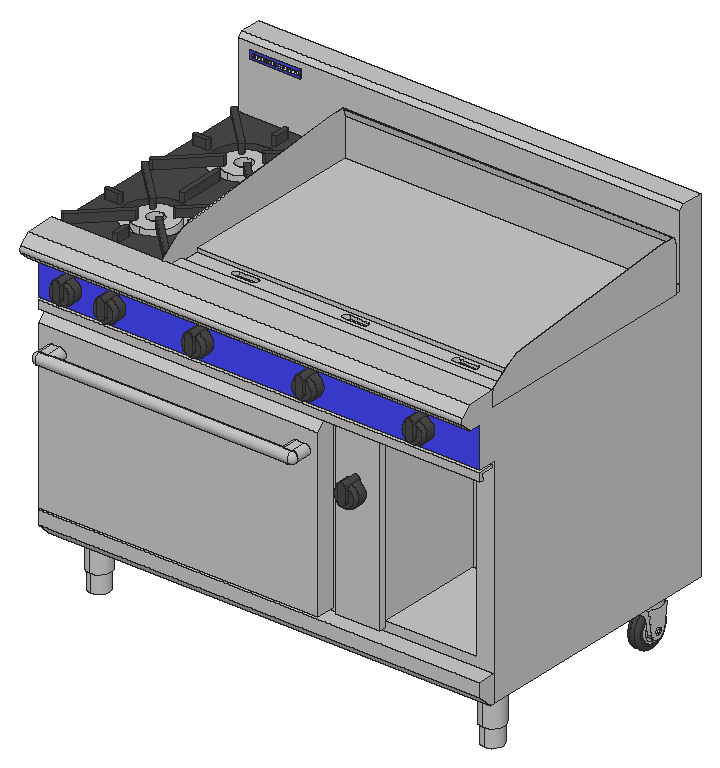
Revit family "QF_MOFFAT_BLUESEAL_CE_G58A", category Specialty Equipment, Revit 2012
Parameters
  Width = 1200 mm
  Weight in Pounds = 584
  Watts = 130 W
  Volts = 230 V
  URL Cutsheet = "www.moffat.com"
  URL = "www.moffat.com"
  Type Mark [instance] = ""
  Status [instance] = ""
  Specification by User [instance] = ""
  Specification by Manufacturer = ""
  Show Logo [instance] = yes
  Show Clearance [instance] = yes
  Show Casters [instance] = yes
  Serial Number = ""
  Seismic Rating = ""
  SMACNA No = ""
  Revision Code [instance] = ""
  Phase = 1
  Omniclass Number and Title = ""
  Number of Poles [instance] = 1
  NAFEM Spec ID Number = ""
  Model = "G58A"
  Min Ckt Ampacity = 0 A
  Mechanical Remarks = ""
  Mechanical Connection Type [instance] = ""
  Max Overcurrent Protection = 0 A
  Masterspec = ""
  Manufacturer = "MOFFAT BLUESEAL"
  Legs [instance] = not(Show Casters)  # no
  Item Number [instance] = ""
  Installed By [instance] = ""
  Identify Quantity as Lot [instance] = yes
  Height = 970 mm
  HP = ""
  Gas Size = 3/4"
  Gas RI Height [instance] = 0 mm
  Gas KW [instance] = 41
  Gas Input [instance] = 139000.0 Btu/h
  Gas Connection Height = 0 mm
  Furnished By [instance] = ""
  Foodservice Equipment Identifier [instance] = yes
  FL Amps = 0.6 A
  Electrical Remarks = ""
  Electric Connection Type = ""
  Elec Conn RI Height = 0 mm
  Elec Conn Connection Height = 0 mm
  Description = "1200MM GAS RANGE WITH CONVECTION OVEN"
  Depth = 812 mm
  Cycle = 60 Hz
  Conn Plug = ""
  Conn Conduit = yes
  CSI MasterFormat = ""
  CSI Master Format = ""
  Body Finish = QF_Finishes_Stainless Steel
  Apparent Power = 0 VA
Reference planes
  plane 1 "BACK": y = 0
  plane 2: z = 0
  plane 3 "LEFT": x = 0
  plane 4 "RIGHT": x = 1200
  plane 5 "FRONT": y = -812
  plane 6 "TOP": z = 970
  plane 7 "Center Y": x = 600
  plane 8 "Center X": y = -406
  plane 9: x = 280
  plane 10: y = -574.272
  plane 11: x = 60
  plane 12: y = -304.972
  plane 13: y = -364.972
  plane 14: x = 74
  plane 15: y = -812
  plane 16: x = 1134.5
  plane 17: y = -32
  plane 18: z = 655
  plane 19: x = 65.5
  plane 20: x = 65.8
  plane 21: z = 1085
  plane 22: y = -705
Forms (mm)
  Extrusion 1, solid, material "QF_Finishes_Stainless Steel" <- "Body Finish"
    sketch origin (0, 0, 0) x (0, 1, 0) y (0, 0, 1)
      loop
        line (0, 150) -> (0, 1085) -> (-57.5, 1085) -> (-70, 1072.5) -> (-70, 875) -> (-705, 875) -> (-705, 915) -> (-783.97, 915) -> (-808.49, 890.48)
        arc (-808.49, 890.48) -> (-812.002, 882) -> (-808.49, 873.52) r 11.993
        line (-808.49, 873.52) -> (-784.97, 850) -> (-749, 850) -> (-749, 740) -> (-699, 740) -> (-699, 150) -> (0, 150)
      loop
        line (-749, 222.5) -> (-749, 186) -> (-713.26, 150.26) -> (-701, 150.26) -> (-701, 222.5) -> (-749, 222.5)
      loop
        line (-749, 710) -> (-740.224, 710) -> (-742.613, 726.999) -> (-707.93, 726.999) -> (-707.93, 734.003) -> (-749, 734.003) -> (-749, 710)
    from 0 to 1200
  Extrusion 2, solid, material "QF_Finishes_Stainless Steel"
    sketch origin (0, 7, 0) x (0, 1, 0) y (0, 0, 1)
      loop
        line (-706, 700) -> (-732, 700) -> (-756, 676) -> (-756, 227.5) -> (-706, 227.5) -> (-706, 700)
    from 0 to 760
  Extrusion 3, solid, material "QF_Finishes_Stainless Steel"
    sketch origin (723.5, 7, 0) x (0, 1, 0) y (0, 0, 1)
      loop
        line (-706, 700) -> (-721, 700) -> (-721, 227.5) -> (-706, 227.5) -> (-706, 700)
    from 56.898 to 176.5
  Revolve 4, solid, material "QF_Finishes_Stainless Steel" <- "Body Finish"
    sketch origin (1134.5, -696.126, 0) x (0, 1, 0) y (0, 0, -1)
      loop
        line (39.376, -150) -> (71.126, -150) -> (71.126, 0) -> (43.626, 0) -> (43.626, -50) -> (39.376, -50) -> (39.376, -150)
      axis (71.126, -150) -> (71.126, 0)
    angle from 0 to 360
  Revolve 5, solid, material "QF_Finishes_Stainless Steel" <- "Body Finish"
    sketch origin (65.5, -696.126, 0) x (0, 1, 0) y (0, 0, 1)
      loop
        line (39.376, 150) -> (39.376, 50) -> (43.626, 50) -> (43.626, 0) -> (71.126, 0) -> (71.126, 150) -> (39.376, 150)
      axis (71.126, 150) -> (71.126, 0)
    angle from 0 to 360
  Extrusion 6, solid, material "QF_Finishes_Stainless Steel"
    sketch origin (-64.5, 0, 325) x (1, 0, 0) y (0, 1, 0)
      loop
        circle (1134.5, -32) r 10
    from 330 to 374.856
  Extrusion 7, void
    sketch origin (0, -703.73, 150) x (0, 0, -1) y (-1, 0, 0)
      loop
        line (-526, -900) -> (-526, -1150) -> (-96, -1150) -> (-96, -900) -> (-526, -900)
    from 0 to 304.8
  Extrusion 8, solid, material "QF_Finishes_Black"
    sketch origin (0, -70, 875) x (0, -1, 0) y (1, 0, 0)
      loop
        arc (1, 4) -> (1.879, 1.879) -> (4, 1) r 3
        line (4, 1) -> (632, 1)
        arc (632, 1) -> (634.121, 1.879) -> (635, 4) r 3
        line (635, 4) -> (635, 297.232)
        arc (635, 297.232) -> (634.121, 299.354) -> (632, 300.232) r 3
        line (632, 300.232) -> (4, 300.232)
        arc (4, 300.232) -> (1.879, 299.354) -> (1, 297.232) r 3
        line (1, 297.232) -> (1, 4)
      loop
        circle (167.5, 150) r 85
      loop
        circle (467.768, 150) r 85
    from 0 to 19.5
  Extrusion 9, solid, material "QF_Finishes_Black"
    sketch origin (0, -70, 894.5) x (0, -1, 0) y (1, 0, 0)
      loop
        spline (327.102, 15.153) -> (326.181, 13.924) -> (325.631, 12.47) -> (325.49, 10.89) -> (325.767, 9.292) -> (326.443, 7.786) -> (327.473, 6.473) -> (328.786, 5.443) -> (330.292, 4.767) -> (331.89, 4.49) -> (333.47, 4.631) -> (334.924, 5.181) -> (336.153, 6.102)
        line (336.153, 6.102) -> (444.076, 114.025)
        spline (444.076, 114.025) -> (444.837, 115.095) -> (445.238, 116.399) -> (445.251, 117.851) -> (444.875, 119.35) -> (444.137, 120.795) -> (443.086, 122.086) -> (441.795, 123.137) -> (440.35, 123.875) -> (438.851, 124.251) -> (437.399, 124.238) -> (436.095, 123.837) -> (435.025, 123.076)
        line (435.025, 123.076) -> (327.102, 15.153)
      loop
        line (611.398, 15.153) -> (503.475, 123.076)
        spline (503.475, 123.076) -> (502.405, 123.837) -> (501.101, 124.238) -> (499.649, 124.251) -> (498.15, 123.875) -> (496.705, 123.137) -> (495.414, 122.086) -> (494.363, 120.795) -> (493.625, 119.35) -> (493.249, 117.851) -> (493.262, 116.399) -> (493.663, 115.095) -> (494.424, 114.025)
        line (494.424, 114.025) -> (602.347, 6.102)
        spline (602.347, 6.102) -> (603.416, 5.341) -> (604.721, 4.941) -> (606.172, 4.928) -> (607.671, 5.303) -> (609.116, 6.041) -> (610.408, 7.092) -> (611.459, 8.384) -> (612.197, 9.829) -> (612.572, 11.328) -> (612.559, 12.779) -> (612.159, 14.084) -> (611.398, 15.153)
      loop
        spline (379.102, 143.6) -> (380.396, 143.818) -> (381.602, 144.457) -> (382.638, 145.475) -> (383.432, 146.8) -> (383.932, 148.344) -> (384.102, 150) -> (383.932, 151.656) -> (383.432, 153.2) -> (382.638, 154.525) -> (381.602, 155.543) -> (380.396, 156.182) -> (379.102, 156.4)
        line (379.102, 156.4) -> (259.398, 156.4)
        spline (259.398, 156.4) -> (258.104, 156.182) -> (256.898, 155.543) -> (255.862, 154.525) -> (255.068, 153.2) -> (254.568, 151.656) -> (254.398, 150) -> (254.568, 148.344) -> (255.068, 146.8) -> (255.862, 145.475) -> (256.898, 144.457) -> (258.104, 143.818) -> (259.398, 143.6)
        line (259.398, 143.6) -> (379.102, 143.6)
      loop
        spline (23.602, 15.153) -> (22.681, 13.924) -> (22.131, 12.47) -> (21.99, 10.89) -> (22.267, 9.292) -> (22.943, 7.786) -> (23.973, 6.473) -> (25.286, 5.443) -> (26.792, 4.767) -> (28.39, 4.49) -> (29.97, 4.631) -> (31.424, 5.181) -> (32.653, 6.102)
        line (32.653, 6.102) -> (140.576, 114.025)
        spline (140.576, 114.025) -> (141.337, 115.095) -> (141.738, 116.399) -> (141.751, 117.851) -> (141.375, 119.35) -> (140.637, 120.795) -> (139.586, 122.086) -> (138.295, 123.137) -> (136.85, 123.875) -> (135.351, 124.251) -> (133.899, 124.238) -> (132.595, 123.837) -> (131.525, 123.076)
        line (131.525, 123.076) -> (23.602, 15.153)
      loop
        line (311.398, 15.153) -> (203.475, 123.076)
        spline (203.475, 123.076) -> (202.405, 123.837) -> (201.101, 124.238) -> (199.649, 124.251) -> (198.15, 123.875) -> (196.705, 123.137) -> (195.414, 122.086) -> (194.363, 120.795) -> (193.625, 119.35) -> (193.249, 117.851) -> (193.262, 116.399) -> (193.663, 115.095) -> (194.424, 114.025)
        line (194.424, 114.025) -> (302.347, 6.102)
        spline (302.347, 6.102) -> (303.416, 5.341) -> (304.721, 4.941) -> (306.172, 4.928) -> (307.671, 5.303) -> (309.116, 6.041) -> (310.408, 7.092) -> (311.459, 8.384) -> (312.197, 9.829) -> (312.572, 11.328) -> (312.559, 12.779) -> (312.159, 14.084) -> (311.398, 15.153)
      loop
        line (327.102, 284.847) -> (435.025, 176.924)
        spline (435.025, 176.924) -> (436.095, 176.163) -> (437.399, 175.762) -> (438.851, 175.749) -> (440.35, 176.125) -> (441.795, 176.863) -> (443.086, 177.914) -> (444.137, 179.205) -> (444.875, 180.65) -> (445.251, 182.149) -> (445.238, 183.601) -> (444.837, 184.905) -> (444.076, 185.975)
        line (444.076, 185.975) -> (336.153, 293.898)
        spline (336.153, 293.898) -> (334.924, 294.819) -> (333.47, 295.369) -> (331.89, 295.51) -> (330.292, 295.233) -> (328.786, 294.557) -> (327.473, 293.527) -> (326.443, 292.214) -> (325.767, 290.708) -> (325.49, 289.11) -> (325.631, 287.53) -> (326.181, 286.076) -> (327.102, 284.847)
      loop
        spline (611.398, 284.847) -> (612.159, 285.916) -> (612.559, 287.221) -> (612.572, 288.672) -> (612.197, 290.171) -> (611.459, 291.616) -> (610.408, 292.908) -> (609.116, 293.959) -> (607.671, 294.697) -> (606.172, 295.072) -> (604.721, 295.059) -> (603.416, 294.659) -> (602.347, 293.898)
        line (602.347, 293.898) -> (494.424, 185.975)
        spline (494.424, 185.975) -> (493.663, 184.905) -> (493.262, 183.601) -> (493.249, 182.149) -> (493.625, 180.65) -> (494.363, 179.205) -> (495.414, 177.914) -> (496.705, 176.863) -> (498.15, 176.125) -> (499.649, 175.749) -> (501.101, 175.762) -> (502.405, 176.163) -> (503.475, 176.924)
        line (503.475, 176.924) -> (611.398, 284.847)
      loop
        line (23.602, 284.847) -> (131.525, 176.924)
        spline (131.525, 176.924) -> (132.595, 176.163) -> (133.899, 175.762) -> (135.351, 175.749) -> (136.85, 176.125) -> (138.295, 176.863) -> (139.586, 177.914) -> (140.637, 179.205) -> (141.375, 180.65) -> (141.751, 182.149) -> (141.738, 183.601) -> (141.337, 184.905) -> (140.576, 185.975)
        line (140.576, 185.975) -> (32.653, 293.898)
        spline (32.653, 293.898) -> (31.424, 294.819) -> (29.97, 295.369) -> (28.39, 295.51) -> (26.792, 295.233) -> (25.286, 294.557) -> (23.973, 293.527) -> (22.943, 292.214) -> (22.267, 290.708) -> (21.99, 289.11) -> (22.131, 287.53) -> (22.681, 286.076) -> (23.602, 284.847)
      loop
        spline (311.398, 284.847) -> (312.159, 285.916) -> (312.559, 287.221) -> (312.572, 288.672) -> (312.197, 290.171) -> (311.459, 291.616) -> (310.408, 292.908) -> (309.116, 293.959) -> (307.671, 294.697) -> (306.172, 295.072) -> (304.721, 295.059) -> (303.416, 294.659) -> (302.347, 293.898)
        line (302.347, 293.898) -> (194.424, 185.975)
        spline (194.424, 185.975) -> (193.663, 184.905) -> (193.262, 183.601) -> (193.249, 182.149) -> (193.625, 180.65) -> (194.363, 179.205) -> (195.414, 177.914) -> (196.705, 176.863) -> (198.15, 176.125) -> (199.649, 175.749) -> (201.101, 175.762) -> (202.405, 176.163) -> (203.475, 176.924)
        line (203.475, 176.924) -> (311.398, 284.847)
      loop
        spline (473.9, 292.104) -> (473.682, 293.398) -> (473.043, 294.604) -> (472.025, 295.64) -> (470.7, 296.434) -> (469.156, 296.934) -> (467.5, 297.104) -> (465.844, 296.934) -> (464.3, 296.434) -> (462.975, 295.64) -> (461.957, 294.604) -> (461.318, 293.398) -> (461.1, 292.104)
        line (461.1, 292.104) -> (461.1, 242.13)
        spline (461.1, 242.13) -> (461.318, 240.836) -> (461.957, 239.63) -> (462.975, 238.595) -> (464.3, 237.8) -> (465.844, 237.301) -> (467.5, 237.13) -> (469.156, 237.301) -> (470.7, 237.8) -> (472.025, 238.595) -> (473.043, 239.63) -> (473.682, 240.836) -> (473.9, 242.13)
        line (473.9, 242.13) -> (473.9, 292.104)
      loop
        spline (173.9, 292.104) -> (173.682, 293.398) -> (173.043, 294.604) -> (172.025, 295.64) -> (170.7, 296.434) -> (169.156, 296.934) -> (167.5, 297.104) -> (165.844, 296.934) -> (164.3, 296.434) -> (162.975, 295.64) -> (161.957, 294.604) -> (161.318, 293.398) -> (161.1, 292.104)
        line (161.1, 292.104) -> (161.1, 242.13)
        spline (161.1, 242.13) -> (161.318, 240.836) -> (161.957, 239.63) -> (162.975, 238.595) -> (164.3, 237.8) -> (165.844, 237.301) -> (167.5, 237.13) -> (169.156, 237.301) -> (170.7, 237.8) -> (172.025, 238.595) -> (173.043, 239.63) -> (173.682, 240.836) -> (173.9, 242.13)
        line (173.9, 242.13) -> (173.9, 292.104)
      loop
        spline (65.602, 143.6) -> (66.896, 143.818) -> (68.102, 144.457) -> (69.138, 145.475) -> (69.932, 146.8) -> (70.432, 148.344) -> (70.602, 150) -> (70.432, 151.656) -> (69.932, 153.2) -> (69.138, 154.525) -> (68.102, 155.543) -> (66.896, 156.182) -> (65.602, 156.4)
        line (65.602, 156.4) -> (29.398, 156.4)
        spline (29.398, 156.4) -> (28.104, 156.182) -> (26.898, 155.543) -> (25.862, 154.525) -> (25.068, 153.2) -> (24.568, 151.656) -> (24.398, 150) -> (24.568, 148.344) -> (25.068, 146.8) -> (25.862, 145.475) -> (26.898, 144.457) -> (28.104, 143.818) -> (29.398, 143.6)
        line (29.398, 143.6) -> (65.602, 143.6)
      loop
        spline (605.602, 143.6) -> (606.896, 143.818) -> (608.102, 144.457) -> (609.138, 145.475) -> (609.932, 146.8) -> (610.432, 148.344) -> (610.602, 150) -> (610.432, 151.656) -> (609.932, 153.2) -> (609.138, 154.525) -> (608.102, 155.543) -> (606.896, 156.182) -> (605.602, 156.4)
        line (605.602, 156.4) -> (569.398, 156.4)
        spline (569.398, 156.4) -> (568.104, 156.182) -> (566.898, 155.543) -> (565.862, 154.525) -> (565.068, 153.2) -> (564.568, 151.656) -> (564.398, 150) -> (564.568, 148.344) -> (565.068, 146.8) -> (565.862, 145.475) -> (566.898, 144.457) -> (568.104, 143.818) -> (569.398, 143.6)
        line (569.398, 143.6) -> (605.602, 143.6)
      loop
        line (460.626, 50.584) -> (460.626, 16.591)
        spline (460.626, 16.591) -> (460.844, 15.297) -> (461.483, 14.091) -> (462.501, 13.055) -> (463.826, 12.261) -> (465.37, 11.761) -> (467.026, 11.591) -> (468.682, 11.761) -> (470.226, 12.261) -> (471.551, 13.055) -> (472.569, 14.091) -> (473.208, 15.297) -> (473.426, 16.591)
        line (473.426, 16.591) -> (473.426, 50.584)
        spline (473.426, 50.584) -> (473.208, 51.878) -> (472.569, 53.084) -> (471.551, 54.119) -> (470.226, 54.914) -> (468.682, 55.413) -> (467.026, 55.584) -> (465.37, 55.413) -> (463.826, 54.914) -> (462.501, 54.119) -> (461.483, 53.084) -> (460.844, 51.878) -> (460.626, 50.584)
      loop
        line (160.11, 50.584) -> (160.11, 16.591)
        spline (160.11, 16.591) -> (160.328, 15.297) -> (160.967, 14.091) -> (161.984, 13.055) -> (163.31, 12.261) -> (164.853, 11.761) -> (166.51, 11.591) -> (168.166, 11.761) -> (169.71, 12.261) -> (171.035, 13.055) -> (172.052, 14.091) -> (172.692, 15.297) -> (172.91, 16.591)
        line (172.91, 16.591) -> (172.91, 50.584)
        spline (172.91, 50.584) -> (172.692, 51.878) -> (172.052, 53.084) -> (171.035, 54.119) -> (169.71, 54.914) -> (168.166, 55.413) -> (166.51, 55.584) -> (164.853, 55.413) -> (163.31, 54.914) -> (161.984, 54.119) -> (160.967, 53.084) -> (160.328, 51.878) -> (160.11, 50.584)
    from 0 to 23.5
  Revolve 10, solid, material "QF_Finishes_Black"
    sketch origin (90.649, 45.874, -0.118) x (0, 1, 0) y (0, 0, -1)
      loop
        line (-827.874, -829.5) -> (-804.874, -829.5) -> (-804.874, -802) -> (-794.874, -802) -> (-794.874, -797) -> (-838.874, -797) -> (-838.874, -823.651) -> (-827.874, -829.5)
      axis (-838.874, -797) -> (-794.874, -797)
    angle from 0 to 360
  Revolve 11, solid, material "QF_Finishes_Black"
    sketch origin (210.649, 45.874, -0.118) x (0, 1, 0) y (0, 0, -1)
      loop
        line (-827.874, -829.5) -> (-804.874, -829.5) -> (-804.874, -802) -> (-794.874, -802) -> (-794.874, -797) -> (-838.874, -797) -> (-838.874, -823.651) -> (-827.874, -829.5)
      axis (-838.874, -797) -> (-794.874, -797)
    angle from 0 to 360
  Revolve 12, solid, material "QF_Finishes_Black"
    sketch origin (450.345, 45.874, -0.118) x (0, 1, 0) y (0, 0, -1)
      loop
        line (-827.874, -829.5) -> (-804.874, -829.5) -> (-804.874, -802) -> (-794.874, -802) -> (-794.874, -797) -> (-838.874, -797) -> (-838.874, -823.651) -> (-827.874, -829.5)
      axis (-838.874, -797) -> (-794.874, -797)
    angle from 0 to 360
  Extrusion 13, solid, material "QF_Finishes_Black"
    sketch origin (238.456, 7, -0.118) x (-1, 0, 0) y (0, 0, -1)
      loop
        arc (158.3, -789) -> (148.3, -779) -> (138.3, -789) r 10
        line (138.3, -789) -> (138.3, -824)
        arc (138.3, -824) -> (148.3, -834) -> (158.3, -824) r 10
        line (158.3, -824) -> (158.3, -789)
    from 759 to 808
  Extrusion 14, solid, material "QF_Finishes_Black"
    sketch origin (358.456, 7, -0.118) x (-1, 0, 0) y (0, 0, -1)
      loop
        arc (158.3, -789) -> (148.3, -779) -> (138.3, -789) r 10
        line (138.3, -789) -> (138.3, -824)
        arc (138.3, -824) -> (148.3, -834) -> (158.3, -824) r 10
        line (158.3, -824) -> (158.3, -789)
    from 759 to 808
  Extrusion 15, solid, material "QF_Finishes_Black"
    sketch origin (598.152, 7, -0.118) x (-1, 0, 0) y (0, 0, -1)
      loop
        arc (158.3, -789) -> (148.3, -779) -> (138.3, -789) r 10
        line (138.3, -789) -> (138.3, -824)
        arc (138.3, -824) -> (148.3, -834) -> (158.3, -824) r 10
        line (158.3, -824) -> (158.3, -789)
    from 759 to 808
  Revolve 16, solid, material "QF_Finishes_Black"
    sketch origin (836.851, 80.874, -246.368) x (0, 1, 0) y (0, 0, 1)
      loop
        line (-827.874, 829.5) -> (-838.874, 823.651) -> (-838.874, 797) -> (-794.874, 797) -> (-794.874, 802) -> (-804.874, 802) -> (-804.874, 829.5) -> (-827.874, 829.5)
      axis (-838.874, 797) -> (-794.874, 797)
    angle from 0 to 360
  Extrusion 17, solid, material "QF_Finishes_Black"
    sketch origin (389.044, 42, -246.368) x (1, 0, 0) y (0, 0, 1)
      loop
        line (458.3, 789) -> (458.3, 824)
        arc (458.3, 824) -> (448.3, 834) -> (438.3, 824) r 10
        line (438.3, 824) -> (438.3, 789)
        arc (438.3, 789) -> (448.3, 779) -> (458.3, 789) r 10
    from 759 to 808
  Extrusion 18, solid, material "QF_Door-Drawer Clearances", visible <- "Show Clearance", detail levels coarse
    sketch origin (760, 7, 0) x (0, 1, 0) y (0, 0, 1)
      loop
        arc (-756, 697.347) -> (-1088.232, 559.732) -> (-1225.847, 227.5) r 469.847
        line (-1225.847, 227.5) -> (-756, 227.5) -> (-756, 697.347)
    from 0 to -760
  Extrusion 19, void
    sketch origin (0, 0, 150) x (-1, 0, 0) y (0, -1, 0)
      loop
        line (-1133.988, 87.26) -> (-1133.988, -30.24) -> (-1004.488, -30.24) -> (-1004.488, 38.76) -> (-1052.988, 87.26) -> (-1133.988, 87.26)
    from 72.5 to 549.856
  Extrusion 20, solid, material "QF_Finishes_Stainless Steel"
    sketch origin (0, -749, 227.5) x (0, 0, 1) y (-1, 0, 0)
      loop
        line (380.625, -38.246) -> (380.625, -58.528)
        arc (380.625, -58.528) -> (395.625, -73.528) -> (410.625, -58.528) r 15
        line (410.625, -58.528) -> (410.625, -38.246)
        arc (410.625, -38.246) -> (395.625, -23.246) -> (380.625, -38.246) r 15
      loop
        arc (380.625, -723.039) -> (395.625, -738.039) -> (410.625, -723.039) r 15
        line (410.625, -723.039) -> (410.625, -702.757)
        arc (410.625, -702.757) -> (395.625, -687.757) -> (380.625, -702.757) r 15
        line (380.625, -702.757) -> (380.625, -723.039)
    from 0 to 44
  Revolve 21, solid, material "QF_Finishes_Stainless Steel"
    sketch origin (0, -793, 0) x (1, 0, 0) y (0, 0, 1)
      loop
        arc (738.039, 623.125) -> (733.646, 633.732) -> (723.039, 638.125) r 15
        line (723.039, 638.125) -> (38.246, 638.125)
        arc (38.246, 638.125) -> (27.64, 633.732) -> (23.246, 623.125) r 15
        line (23.246, 623.125) -> (738.039, 623.125)
      axis (738.039, 623.125) -> (23.246, 623.125)
    angle from 0 to 360
  Extrusion 22, solid, material "QF_Finishes_Stainless Steel"
    sketch origin (0, -70, 875) x (0, -1, 0) y (1, 0, 0)
      loop
        circle (467.5, 150) r 57
      loop
        circle (167.5, 150) r 57
      loop
        circle (467.5, 150) r 22
      loop
        circle (167.5, 150) r 22
    from 0 to 19.5
  Extrusion 23, solid, material "QF_Finishes_Stainless Steel"
    sketch origin (0, 0, 0) x (1, 0, 0) y (0, 1, 0)
      loop
        circle (826, -501) r 6.35
    from 148.072 to 150
  Extrusion 24, solid, material "QF_Finishes_Stainless Steel", visible <- "Show Casters"
    sketch origin (71.501, 133.353, -8.783) x (0, 1, 0) y (0, 0, 1)
      loop
        line (-201.603, 118.783) -> (-265.103, 118.783) -> (-252.746, 53.895)
        arc (-252.746, 53.895) -> (-233.353, 38.783) -> (-213.959, 53.895) r 20
        line (-213.959, 53.895) -> (-201.603, 118.783)
    from -35.667 to 22.923
  Revolve 25, solid, material "QF_Finishes_Stainless Steel", visible <- "Show Casters"
    sketch origin (65, -203, 0) x (0, 1, 0) y (0, 0, 1)
      loop
        line (67.25, 150) -> (67.25, 110) -> (103, 110) -> (103, 150) -> (67.25, 150)
      axis (103, 150) -> (103, 110)
    angle from 0 to 360
  Revolve 26, solid, material "QF_Finishes_Stainless Steel", visible <- "Show Casters"
    sketch origin (1134.5, -203, 0) x (0, 1, 0) y (0, 0, -1)
      loop
        line (67.25, -150) -> (103, -150) -> (103, -110) -> (67.25, -110) -> (67.25, -150)
      axis (103, -150) -> (103, -110)
    angle from 0 to 360
  Revolve 27, solid, material "QF_Finishes_Stainless Steel", visible <- "Show Casters"
    sketch origin (1085.276, -99.755, -13.653) x (1, 0, 0) y (0, 0, 1)
      loop
        line (14.841, 64.453) -> (83.584, 64.453) -> (83.584, 67.958) -> (82.314, 69.228) -> (80.79, 69.228) -> (80.79, 72.674) -> (68.644, 72.674) -> (68.644, 82.639) -> (65.088, 84.692) -> (63.738, 93.028) -> (65.881, 93.028) -> (65.881, 99.378) -> (65.088, 99.378) -> (65.088, 105.728)
        arc (65.088, 105.728) -> (62.298, 112.463) -> (55.563, 115.253) r 9.525
        line (55.563, 115.253) -> (42.863, 115.253)
        arc (42.863, 115.253) -> (36.127, 112.463) -> (33.338, 105.728) r 9.525
        line (33.338, 105.728) -> (33.338, 99.378) -> (32.544, 99.378) -> (32.544, 93.028) -> (34.687, 93.028) -> (33.352, 84.781) -> (29.782, 82.719) -> (29.782, 72.674) -> (17.635, 72.674) -> (17.635, 69.228) -> (16.111, 69.228) -> (14.841, 67.958) -> (14.841, 64.453)
      axis (14.841, 64.453) -> (83.584, 64.453)
    angle from 0 to 360
  Extrusion 28, solid, material "QF_Finishes_Stainless Steel", visible <- "Show Casters"
    sketch origin (1141.001, 133.353, -8.783) x (0, 1, 0) y (0, 0, 1)
      loop
        line (-201.603, 118.783) -> (-265.103, 118.783) -> (-252.746, 53.895)
        arc (-252.746, 53.895) -> (-233.353, 38.783) -> (-213.959, 53.895) r 20
        line (-213.959, 53.895) -> (-201.603, 118.783)
    from -35.667 to 22.923
  Revolve 29, solid, material "QF_Finishes_Stainless Steel", visible <- "Legs"
    sketch origin (65, -165, 0) x (0, 1, 0) y (0, 0, 1)
      loop
        line (33.25, 150) -> (33.25, 50) -> (37.5, 50) -> (37.5, 0) -> (65, 0) -> (65, 150) -> (33.25, 150)
      axis (65, 150) -> (65, 0)
    angle from 0 to 360
  Revolve 30, solid, material "QF_Finishes_Stainless Steel", visible <- "Legs"
    sketch origin (1134.5, -165, 0) x (0, 1, 0) y (0, 0, -1)
      loop
        line (33.25, -150) -> (65, -150) -> (65, 0) -> (37.5, 0) -> (37.5, -50) -> (33.25, -50) -> (33.25, -150)
      axis (65, -150) -> (65, 0)
    angle from 0 to 360
  Revolve 31, solid, material "QF_Finishes_Stainless Steel", visible <- "Show Casters"
    sketch origin (114.224, -99.755, -13.653) x (-1, 0, 0) y (0, 0, -1)
      loop
        line (14.841, -64.453) -> (14.841, -67.958) -> (16.111, -69.228) -> (17.635, -69.228) -> (17.635, -72.674) -> (29.782, -72.674) -> (29.782, -82.719) -> (33.352, -84.781) -> (34.687, -93.028) -> (32.544, -93.028) -> (32.544, -99.378) -> (33.338, -99.378) -> (33.338, -105.728)
        arc (33.338, -105.728) -> (36.127, -112.463) -> (42.863, -115.253) r 9.525
        line (42.863, -115.253) -> (55.563, -115.253)
        arc (55.563, -115.253) -> (62.298, -112.463) -> (65.088, -105.728) r 9.525
        line (65.088, -105.728) -> (65.088, -99.378) -> (65.881, -99.378) -> (65.881, -93.028) -> (63.738, -93.028) -> (65.088, -84.692) -> (68.644, -82.639) -> (68.644, -72.674) -> (80.79, -72.674) -> (80.79, -69.228) -> (82.314, -69.228) -> (83.584, -67.958) -> (83.584, -64.453) -> (14.841, -64.453)
      axis (14.841, -64.453) -> (83.584, -64.453)
    angle from 0 to 360
  Revolve 32, solid, material "QF_Finishes_Black"
    sketch origin (750.232, 45.874, -0.118) x (0, 1, 0) y (0, 0, -1)
      loop
        line (-827.874, -829.5) -> (-804.874, -829.5) -> (-804.874, -802) -> (-794.874, -802) -> (-794.874, -797) -> (-838.874, -797) -> (-838.874, -823.651) -> (-827.874, -829.5)
      axis (-838.874, -797) -> (-794.874, -797)
    angle from 0 to 360
  Extrusion 33, solid, material "QF_Finishes_Black"
    sketch origin (898.039, 7, -0.118) x (-1, 0, 0) y (0, 0, -1)
      loop
        arc (158.3, -789) -> (148.3, -779) -> (138.3, -789) r 10
        line (138.3, -789) -> (138.3, -824)
        arc (138.3, -824) -> (148.3, -834) -> (158.3, -824) r 10
        line (158.3, -824) -> (158.3, -789)
    from 759 to 808
  Revolve 34, solid, material "QF_Finishes_Black"
    sketch origin (1050.119, 45.874, -0.118) x (0, 1, 0) y (0, 0, -1)
      loop
        line (-827.874, -829.5) -> (-804.874, -829.5) -> (-804.874, -802) -> (-794.874, -802) -> (-794.874, -797) -> (-838.874, -797) -> (-838.874, -823.651) -> (-827.874, -829.5)
      axis (-838.874, -797) -> (-794.874, -797)
    angle from 0 to 360
  Extrusion 35, solid, material "QF_Finishes_Black"
    sketch origin (1197.926, 7, -0.118) x (-1, 0, 0) y (0, 0, -1)
      loop
        arc (158.3, -789) -> (148.3, -779) -> (138.3, -789) r 10
        line (138.3, -789) -> (138.3, -824)
        arc (138.3, -824) -> (148.3, -834) -> (158.3, -824) r 10
        line (158.3, -824) -> (158.3, -789)
    from 759 to 808
Cuts and joins
  Extrusion 7, Extrusion 19 cuts Extrusion 1
Lines and regions (mm)
  Split face 1
    outline origin (1200, 0, 1085) x (-1, 0, 0) y (0, -1, 0)
      loop
        arc (935.206, 45.185) -> (926.545, 40.185) -> (926.545, 30.185) r 10
        line (926.545, 30.185) -> (930.587, 23.185)
        arc (930.587, 23.185) -> (934.247, 19.525) -> (939.247, 18.185) r 10
        line (939.247, 18.185) -> (1167.206, 18.185)
        arc (1167.206, 18.185) -> (1175.866, 23.185) -> (1175.866, 33.185) r 10
        line (1175.866, 33.185) -> (1171.824, 40.185)
        arc (1171.824, 40.185) -> (1168.164, 43.845) -> (1163.164, 45.185) r 10
        line (1163.164, 45.185) -> (935.206, 45.185)
  Split face 2
    outline origin (1200, 0, 1085) x (-1, 0, 0) y (0, -1, 0)
      loop
        arc (635.206, 45.185) -> (626.545, 40.185) -> (626.545, 30.185) r 10
        line (626.545, 30.185) -> (630.587, 23.185)
        arc (630.587, 23.185) -> (634.247, 19.525) -> (639.247, 18.185) r 10
        line (639.247, 18.185) -> (867.206, 18.185)
        arc (867.206, 18.185) -> (875.866, 23.185) -> (875.866, 33.185) r 10
        line (875.866, 33.185) -> (871.824, 40.185)
        arc (871.824, 40.185) -> (868.164, 43.845) -> (863.164, 45.185) r 10
        line (863.164, 45.185) -> (635.206, 45.185)
  Split face 3
    outline origin (1200, 0, 1085) x (-1, 0, 0) y (0, -1, 0)
      loop
        arc (335.206, 45.185) -> (326.545, 40.185) -> (326.545, 30.185) r 10
        line (326.545, 30.185) -> (330.587, 23.185)
        arc (330.587, 23.185) -> (334.247, 19.525) -> (339.247, 18.185) r 10
        line (339.247, 18.185) -> (567.206, 18.185)
        arc (567.206, 18.185) -> (575.866, 23.185) -> (575.866, 33.185) r 10
        line (575.866, 33.185) -> (571.824, 40.185)
        arc (571.824, 40.185) -> (568.164, 43.845) -> (563.164, 45.185) r 10
        line (563.164, 45.185) -> (335.206, 45.185)
  Split face 4
    outline origin (1200, 0, 1085) x (-1, 0, 0) y (0, -1, 0)
      loop
        arc (35.206, 45.185) -> (26.545, 40.185) -> (26.545, 30.185) r 10
        line (26.545, 30.185) -> (30.587, 23.185)
        arc (30.587, 23.185) -> (34.247, 19.525) -> (39.247, 18.185) r 10
        line (39.247, 18.185) -> (267.206, 18.185)
        arc (267.206, 18.185) -> (275.866, 23.185) -> (275.866, 33.185) r 10
        line (275.866, 33.185) -> (271.824, 40.185)
        arc (271.824, 40.185) -> (268.164, 43.845) -> (263.164, 45.185) r 10
        line (263.164, 45.185) -> (35.206, 45.185)
  symbolic lines
    curve 1: line (0, 0, 0) -> (0, -812, 0)
    curve 2: line (1200, 0, 0) -> (0, 0, 0)
    curve 3: line (1200, -812, 0) -> (1200, 0, 0)
    curve 4: line (0, -70, 0) -> (1200, -70, 0)
    curve 5: line (1200, -812, 0) -> (0, -812, 0)
    curve 6: line (1200, -708.3, 0) -> (0, -708.3, 0)
    curve 7: line (0, -705, 0) -> (1200, -705, 0)
    curve 8: line (1200, -72.734, 0) -> (0, -72.734, 0)
    curve 9: arc (22.65, -812, 0) -> (34.104, -822.278, 0) -> (48.889, -826.544, 0) r 34.455
    curve 10: line (48.889, -826.544, 0) -> (718.108, -826.544, 0)
    curve 11: arc (718.108, -826.544, 0) -> (732.653, -822.647, 0) -> (743.3, -812, 0) r 29.089
    curve 12: line (6.08, -94.387, 0) -> (121.515, -209.822, 0)
    curve 13: line (293.92, -94.387, 0) -> (178.485, -209.822, 0)
    curve 14: line (6.83, -379.864, 0) -> (121.515, -265.178, 0)
    curve 15: line (292.516, -379.21, 0) -> (178.485, -265.178, 0)
    curve 16: line (6.08, -398.155, 0) -> (121.515, -510.089, 0)
    curve 17: line (293.92, -398.155, 0) -> (178.485, -510.089, 0)
    curve 18: line (9.883, -677.078, 0) -> (121.515, -565.446, 0)
    curve 19: line (291.622, -678.583, 0) -> (178.485, -565.446, 0)
    curve 20: arc (150, -294.5, 0) -> (207, -237.5, 0) -> (150, -180.5, 0) r 57
    curve 21: arc (150, -180.5, 0) -> (93, -237.5, 0) -> (150, -294.5, 0) r 57
    curve 22: arc (150, -594.5, 0) -> (207, -537.5, 0) -> (150, -480.5, 0) r 57
    curve 23: arc (150, -480.5, 0) -> (93, -537.5, 0) -> (150, -594.5, 0) r 57
    curve 24: line (297.78, -237.81, 0) -> (237.78, -237.81, 0)
    curve 25: line (149.618, -450.258, 0) -> (149.618, -325.258, 0)
    curve 26: line (297.78, -537.81, 0) -> (237.78, -537.81, 0)
    curve 27: line (149.197, -139.807, 0) -> (149.197, -94.807, 0)
    curve 28: line (149.197, -674.807, 0) -> (149.197, -634.807, 0)
    curve 29: line (49.678, -236.51, 0) -> (14.678, -236.51, 0)
    curve 30: line (49.678, -536.51, 0) -> (14.678, -536.51, 0)
    curve 34: arc (150, -322.5, 0) -> (65, -237.5, 0) -> (150, -152.5, 0) r 85
    curve 35: arc (150, -152.5, 0) -> (235, -237.5, 0) -> (150, -322.5, 0) r 85
    curve 36: arc (150, -452.768, 0) -> (235, -537.768, 0) -> (150, -622.768, 0) r 85
    curve 37: arc (150, -622.768, 0) -> (65, -537.768, 0) -> (150, -452.768, 0) r 85
    curve 38: line (300.232, -72.734, 0) -> (300.232, -705, 0)
    curve 39: line (0, -390.308, 0) -> (300.232, -390.308, 0)
    curve 40: arc (150, -215.5, 0) -> (172, -237.5, 0) -> (150, -259.5, 0) r 22
    curve 41: arc (150, -259.5, 0) -> (128, -237.5, 0) -> (150, -215.5, 0) r 22
    curve 42: arc (150, -515.5, 0) -> (172, -537.5, 0) -> (150, -559.5, 0) r 22
    curve 43: arc (150, -559.5, 0) -> (128, -537.5, 0) -> (150, -515.5, 0) r 22
    curve 44: line (1160.753, -18.185, 0) -> (932.794, -18.185, 0)
    curve 45: arc (932.794, -18.185, 0) -> (924.134, -23.185, 0) -> (924.134, -33.185, 0) r 10
    curve 46: line (924.134, -33.185, 0) -> (928.176, -40.185, 0)
    curve 47: arc (928.176, -40.185, 0) -> (931.836, -43.845, 0) -> (936.836, -45.185, 0) r 10
    curve 48: line (936.836, -45.185, 0) -> (1164.794, -45.185, 0)
    curve 49: arc (1164.794, -45.185, 0) -> (1173.455, -40.185, 0) -> (1173.455, -30.185, 0) r 10
    curve 50: line (1173.455, -30.185, 0) -> (1169.413, -23.185, 0)
    curve 51: arc (1169.413, -23.185, 0) -> (1165.753, -19.525, 0) -> (1160.753, -18.185, 0) r 10
    curve 52: line (632.794, -18.185, 0) -> (860.753, -18.185, 0)
    curve 53: arc (860.753, -18.185, 0) -> (865.753, -19.525, 0) -> (869.413, -23.185, 0) r 10
    curve 54: line (869.413, -23.185, 0) -> (873.455, -30.185, 0)
    curve 55: arc (873.455, -30.185, 0) -> (873.455, -40.185, 0) -> (864.794, -45.185, 0) r 10
    curve 56: line (864.794, -45.185, 0) -> (636.836, -45.185, 0)
    curve 57: arc (636.836, -45.185, 0) -> (631.836, -43.845, 0) -> (628.176, -40.185, 0) r 10
    curve 58: line (628.176, -40.185, 0) -> (624.134, -33.185, 0)
    curve 59: arc (624.134, -33.185, 0) -> (624.134, -23.185, 0) -> (632.794, -18.185, 0) r 10
    curve 60: line (332.794, -18.185, 0) -> (560.753, -18.185, 0)
    curve 61: arc (560.753, -18.185, 0) -> (565.753, -19.525, 0) -> (569.413, -23.185, 0) r 10
    curve 62: line (569.413, -23.185, 0) -> (573.455, -30.185, 0)
    curve 63: arc (573.455, -30.185, 0) -> (573.455, -40.185, 0) -> (564.794, -45.185, 0) r 10
    curve 64: line (564.794, -45.185, 0) -> (336.836, -45.185, 0)
    curve 65: arc (336.836, -45.185, 0) -> (331.836, -43.845, 0) -> (328.176, -40.185, 0) r 10
    curve 66: line (328.176, -40.185, 0) -> (324.134, -33.185, 0)
    curve 67: arc (324.134, -33.185, 0) -> (324.134, -23.185, 0) -> (332.794, -18.185, 0) r 10
    curve 68: line (260.753, -18.185, 0) -> (32.794, -18.185, 0)
    curve 69: arc (32.794, -18.185, 0) -> (24.134, -23.185, 0) -> (24.134, -33.185, 0) r 10
    curve 70: line (24.134, -33.185, 0) -> (28.176, -40.185, 0)
    curve 71: arc (28.176, -40.185, 0) -> (31.836, -43.845, 0) -> (36.836, -45.185, 0) r 10
    curve 72: line (36.836, -45.185, 0) -> (264.794, -45.185, 0)
    curve 73: arc (264.794, -45.185, 0) -> (273.455, -40.185, 0) -> (273.455, -30.185, 0) r 10
    curve 74: line (273.455, -30.185, 0) -> (269.413, -23.185, 0)
    curve 75: arc (269.413, -23.185, 0) -> (265.753, -19.525, 0) -> (260.753, -18.185, 0) r 10
    curve 76: line (0, -57.5, 0) -> (1200, -57.5, 0)
    curve 77: line (0, -783.97, 0) -> (1200, -783.97, 0)
  symbolic lines, style "QF_Door-Drawer Clearances", visible <- "Show Clearance"
    curve 31: line (0, -1218.847, 0) -> (760, -1218.847, 0)
    curve 32: line (760, -1218.847, 0) -> (760, -812, 0)
    curve 33: line (0, -1218.847, 0) -> (0, -812, 0)
Dimensions and locks
  equal spacing: plane 3 "LEFT", plane 7 "Center Y", plane 4 "RIGHT"
  "Width": plane 3 "LEFT" to plane 4 "RIGHT"
  equal spacing: plane 5 "FRONT", plane 8 "Center X", plane 1 "BACK"
  plane 5 "FRONT" to plane 1 "BACK" = 812 mm  (x2)
  equal spacing: plane 4 "RIGHT", plane 7 "Center Y", plane 3 "LEFT"
  plane 4 "RIGHT" to plane 3 "LEFT" = 1200 mm
  "Height": plane 6 "TOP" to level
  plane 10 to plane 1 "BACK" = 574.272 mm
  plane 12 to plane 1 "BACK" = 304.972 mm  (x2)
  plane 11 to plane 3 "LEFT" = 60 mm
  plane 14 to plane 3 "LEFT" = 74 mm
  plane 9 to plane 3 "LEFT" = 280 mm
  "Depth": plane 1 "BACK" to plane 15
  plane 5 "FRONT" to plane 15 = 0 mm
  plane 6 "TOP" to plane 2 = 970 mm
  plane 2 to Extrusion 1 sketch curve = 875 mm
  locked: plane 2 to Extrusion 1 sketch curve at 915
  locked: plane 4 "RIGHT" to plane 16 at 65.5
  Extrusion 8 sketch curve to plane 20 = 64.8 mm
  Extrusion 23 sketch curve to plane 4 "RIGHT" = 374 mm
  Extrusion 23 sketch curve to plane 1 "BACK" = 501 mm
  plane 21 to level = 1085 mm
  Revolve 27 sketch curve to Revolve 27 sketch curve = 50.8 mm
  Revolve 31 sketch curve to Revolve 31 sketch curve = 50.8 mm
  aligned and locked: level to plane 2
  aligned and locked: curve 3 to plane 4 "RIGHT"
  aligned and locked: Extrusion 1 to plane 4 "RIGHT"
  aligned and locked: plane 16 to Revolve 4
  aligned and locked: Extrusion 18 to Extrusion 2
Automatic sketch dimensions
  curve 20 to curve 34 = 0 mm
  curve 21 to curve 35 = 0 mm
  curve 21 to curve 41 = 0 mm
  curve 22 to curve 43 = 0 mm
  curve 23 to curve 43 = 0 mm
  curve 35 to curve 41 = 0 mm
  plane 1 "BACK" to curve 1 = 0 mm
  curve 1 to plane 3 "LEFT" = 0 mm
  plane 5 "FRONT" to curve 9 = 0 mm
  plane 22 to curve 38 = 0 mm
  plane 3 "LEFT" to curve 16 = 6.08 mm
  plane 3 "LEFT" to curve 12 = 6.08 mm
  plane 3 "LEFT" to curve 14 = 6.83 mm
  plane 3 "LEFT" to curve 18 = 9.883 mm
  plane 3 "LEFT" to curve 29 = 14.678 mm
  plane 3 "LEFT" to curve 30 = 14.678 mm
  plane 3 "LEFT" to curve 9 = 22.65 mm
  curve 70 to plane 17 = 1.185 mm
  plane 3 "LEFT" to curve 70 = 24.134 mm
  curve 69 to curve 71 = 4.041 mm
  curve 69 to curve 69 = 8.66 mm
  curve 71 to curve 71 = 8.66 mm
  curve 10 to plane 11 = 11.111 mm
  curve 29 to plane 11 = 10.322 mm
  curve 30 to plane 11 = 10.322 mm
  curve 9 to plane 11 = 9.192 mm
  plane 10 to curve 18 = 8.826 mm
  plane 14 to curve 18 = 47.515 mm
  plane 14 to curve 14 = 47.515 mm
  plane 14 to curve 12 = 47.515 mm
  plane 14 to curve 16 = 47.515 mm
  curve 18 to curve 28 = 27.682 mm
  plane 14 to curve 27 = 75.197 mm
  curve 25 to plane 12 = 20.285 mm
  curve 14 to curve 25 = 28.103 mm
  curve 16 to curve 22 = 28.485 mm
  curve 12 to curve 41 = 28.485 mm
  curve 25 to curve 37 = 0.382 mm
  curve 42 to curve 17 = 28.485 mm
  curve 40 to curve 13 = 28.485 mm
  plane 10 to curve 19 = 8.826 mm
  curve 42 to curve 19 = 28.485 mm
  plane 12 to curve 15 = 39.794 mm
  curve 40 to curve 15 = 28.485 mm
  curve 24 to plane 9 = 42.22 mm
  curve 26 to plane 9 = 42.22 mm
  curve 68 to plane 9 = 19.247 mm
  curve 73 to plane 9 = 15.206 mm
  curve 75 to curve 75 = 8.66 mm
  plane 17 to curve 74 = 1.815 mm
  curve 74 to plane 9 = 6.545 mm
  plane 9 to curve 19 = 11.622 mm
  plane 9 to curve 15 = 12.516 mm
  plane 9 to curve 13 = 13.92 mm
  plane 9 to curve 17 = 13.92 mm
  plane 9 to curve 24 = 17.78 mm
  plane 9 to curve 26 = 17.78 mm
  plane 9 to curve 38 = 20.232 mm
  curve 67 to plane 17 = 1.185 mm
  plane 9 to curve 67 = 44.134 mm
  curve 66 to plane 17 = 8.185 mm
  curve 66 to curve 66 = 4.041 mm
  plane 17 to curve 67 = 13.815 mm
  curve 67 to curve 67 = 8.66 mm
  curve 65 to curve 64 = 8.66 mm
  curve 60 to plane 7 "Center Y" = 39.247 mm
  curve 61 to curve 64 = 4.041 mm
  curve 61 to curve 61 = 8.66 mm
  plane 17 to curve 63 = 1.815 mm
  curve 61 to curve 63 = 4.041 mm
  curve 59 to plane 17 = 1.185 mm
  plane 7 "Center Y" to curve 59 = 24.134 mm
  curve 59 to curve 57 = 4.041 mm  (x2)
  plane 17 to curve 59 = 13.815 mm
  curve 59 to curve 59 = 8.66 mm
  curve 57 to plane 17 = 3.185 mm
  curve 55 to plane 17 = 3.185 mm
  curve 53 to curve 55 = 4.041 mm
  plane 17 to curve 54 = 8.815 mm
  curve 53 to curve 54 = 8.66 mm
  plane 17 to curve 55 = 1.815 mm
  curve 54 to curve 55 = 4.041 mm
  curve 46 to plane 17 = 1.185 mm
  curve 54 to curve 46 = 50.679 mm
  curve 45 to curve 47 = 4.041 mm  (x2)
  curve 45 to curve 44 = 8.66 mm
  curve 47 to plane 17 = 3.185 mm
  plane 17 to curve 44 = 13.815 mm
  plane 16 to curve 44 = 26.253 mm
  curve 49 to plane 17 = 3.185 mm
  curve 51 to curve 49 = 4.041 mm
  curve 51 to curve 51 = 8.66 mm
  plane 17 to curve 50 = 1.815 mm
  curve 51 to curve 50 = 4.041 mm
  plane 5 "FRONT" to curve 9 = 14.544 mm
  curve 33 to curve 9 = 392.303 mm
  curve 77 to plane 5 "FRONT" = 28.03 mm
  plane 22 to curve 6 = 3.3 mm
  curve 19 to plane 22 = 26.417 mm
  curve 18 to plane 22 = 27.922 mm
  curve 28 to plane 22 = 30.193 mm
  curve 28 to curve 28 = 40 mm
  curve 28 to curve 36 = 12.039 mm
  curve 23 to plane 10 = 20.228 mm
  plane 10 to curve 42 = 14.772 mm
  plane 10 to curve 26 = 36.462 mm
  curve 42 to curve 36 = 21.732 mm
  curve 36 to curve 42 = 0.268 mm
  plane 10 to curve 30 = 37.763 mm
  curve 43 to curve 16 = 5.411 mm
  curve 42 to curve 17 = 5.411 mm
  curve 37 to curve 25 = 2.51 mm
  plane 8 "Center X" to curve 16 = 7.845 mm
  plane 8 "Center X" to curve 17 = 7.845 mm
  curve 17 to curve 39 = 7.846 mm
  curve 39 to curve 14 = 10.445 mm
  curve 39 to curve 15 = 11.099 mm
  curve 25 to curve 34 = 2.758 mm
  plane 12 to curve 21 = 10.472 mm
  plane 12 to curve 14 = 39.794 mm
  curve 14 to curve 41 = 5.678 mm
  curve 15 to curve 24 = 27.368 mm
  curve 40 to curve 34 = 22 mm
  plane 12 to curve 29 = 68.463 mm
  curve 40 to curve 13 = 5.678 mm
  curve 41 to curve 12 = 5.678 mm
  curve 34 to curve 27 = 12.693 mm
  curve 27 to curve 27 = 45 mm
  curve 13 to plane 17 = 62.387 mm
  curve 12 to plane 17 = 62.387 mm
  curve 12 to curve 8 = 21.653 mm
  curve 8 to curve 4 = 2.734 mm
  curve 4 to curve 76 = 12.5 mm
  curve 73 to plane 17 = 13.185 mm
  curve 63 to plane 17 = 13.185 mm
  curve 70 to curve 69 = 7 mm
  plane 17 to curve 75 = 3.815 mm
  plane 17 to curve 61 = 3.815 mm
  plane 17 to curve 51 = 3.815 mm
  plane 17 to curve 69 = 3.815 mm
  Extrusion 1 sketch curve to plane 22 = 0 mm
  Extrusion 1 sketch curve to plane 21 = 0 mm
  Extrusion 1 sketch curve to plane 1 "BACK" = 0 mm
  plane 22 to Extrusion 1 sketch curve = 2.93 mm
  plane 22 to Extrusion 1 sketch curve = 8.26 mm
  plane 22 to Extrusion 1 sketch curve = 35.224 mm
  Extrusion 1 sketch curve to Extrusion 1 sketch curve = 2.389 mm
  plane 22 to Extrusion 1 sketch curve = 44 mm  (x2)
  Extrusion 1 sketch curve to Extrusion 1 sketch curve = 8.776 mm
  Extrusion 1 sketch curve to plane 5 "FRONT" = 28.03 mm
  Extrusion 1 sketch curve to plane 5 "FRONT" = 27.03 mm
  Extrusion 1 sketch curve to plane 5 "FRONT" = 11.991 mm
  Extrusion 1 sketch curve to plane 5 "FRONT" = 3.51 mm  (x2)
  Extrusion 1 sketch curve to plane 22 = 4 mm
  Extrusion 1 sketch curve to Extrusion 1 sketch curve = 2 mm
  Extrusion 1 sketch curve to plane 21 = 12.5 mm
  Extrusion 1 sketch curve to plane 17 = 38 mm
  Extrusion 1 sketch curve to Extrusion 1 sketch curve = 12.5 mm
  Extrusion 1 sketch curve to Extrusion 1 sketch curve = 41.48 mm
  Extrusion 1 sketch curve to Extrusion 1 sketch curve = 23.52 mm
  plane 18 to Extrusion 1 sketch curve = 85 mm
  Extrusion 1 sketch curve to Extrusion 1 sketch curve = 5.997 mm
  Extrusion 1 sketch curve to Extrusion 1 sketch curve = 7.004 mm
  Extrusion 1 sketch curve to Extrusion 1 sketch curve = 16.999 mm
  level to Extrusion 1 sketch curve = 222.5 mm
  Extrusion 1 sketch curve to Extrusion 1 sketch curve = 36.5 mm
  Extrusion 1 sketch curve to Extrusion 1 sketch curve = 35.74 mm
  level to Extrusion 1 sketch curve = 150 mm
  Extrusion 1 sketch curve to Extrusion 1 sketch curve = 8.48 mm
  plane 22 to Extrusion 2 sketch curve = 44 mm
  plane 22 to Extrusion 2 sketch curve = 20 mm
  Extrusion 2 sketch curve to plane 22 = 6 mm
  level to Extrusion 2 sketch curve = 227.5 mm
  plane 18 to Extrusion 2 sketch curve = 21 mm
  plane 18 to Extrusion 2 sketch curve = 45 mm
  plane 22 to Extrusion 3 sketch curve = 9 mm
  Extrusion 3 sketch curve to plane 22 = 6 mm
  level to Extrusion 3 sketch curve = 227.5 mm
  plane 18 to Extrusion 3 sketch curve = 45 mm
  Revolve 4 sketch curve to level = 0 mm
  Revolve 4 sketch curve to plane 22 = 48.25 mm
  Revolve 4 sketch curve to Revolve 4 sketch curve = 4.25 mm
  Revolve 4 sketch curve to Revolve 4 sketch curve = 27.5 mm  (x2)
  level to Revolve 4 sketch curve = 50 mm
  Revolve 4 sketch curve to Revolve 4 sketch curve = 0 mm
  Revolve 4 sketch curve to Revolve 4 sketch curve = 100 mm
  Revolve 4 sketch curve to Revolve 4 sketch curve = 55 mm
  Revolve 5 sketch curve to level = 0 mm
  Revolve 5 sketch curve to plane 22 = 48.25 mm
  Revolve 5 sketch curve to Revolve 5 sketch curve = 4.25 mm
  Revolve 5 sketch curve to Revolve 5 sketch curve = 27.5 mm  (x2)
  Revolve 5 sketch curve to level = 55 mm
  Revolve 5 sketch curve to Revolve 5 sketch curve = 50 mm
  Revolve 5 sketch curve to Revolve 5 sketch curve = 0 mm
  Revolve 5 sketch curve to Revolve 5 sketch curve = 100 mm
  Extrusion 6 sketch curve to plane 17 = 0 mm
  plane 18 to Extrusion 7 sketch curve = 21 mm
  level to Extrusion 7 sketch curve = 246 mm
  plane 16 to Extrusion 7 sketch curve = 15.5 mm
  plane 22 to Extrusion 8 sketch curve = 0 mm
  Extrusion 8 sketch curve to plane 22 = 3 mm  (x2)
  plane 10 to Extrusion 8 sketch curve = 36.504 mm
  plane 12 to Extrusion 8 sketch curve = 67.472 mm
  Extrusion 8 sketch curve to plane 17 = 42 mm  (x2)
  plane 9 to Extrusion 8 sketch curve = 17.232 mm
  Extrusion 8 sketch curve to Extrusion 8 sketch curve = 3 mm
  plane 14 to Extrusion 8 sketch curve = 76 mm  (x2)
  plane 3 "LEFT" to Extrusion 9 sketch curve = 15.153 mm
  Extrusion 9 sketch curve to plane 17 = 61.602 mm  (x2)
  plane 9 to Extrusion 9 sketch curve = 4.847 mm  (x3)
  Extrusion 9 sketch curve to Extrusion 9 sketch curve = 4.525 mm  (x12)
  Extrusion 9 sketch curve to plane 17 = 67.398 mm
  Extrusion 9 sketch curve to Extrusion 9 sketch curve = 36.204 mm
  plane 14 to Extrusion 9 sketch curve = 49.076 mm
  Extrusion 9 sketch curve to Extrusion 9 sketch curve = 65.923 mm
  Extrusion 9 sketch curve to Extrusion 9 sketch curve = 0 mm  (x2)
  plane 3 "LEFT" to Extrusion 9 sketch curve = 16.591 mm  (x2)
  plane 12 to Extrusion 9 sketch curve = 74.863 mm
  Extrusion 9 sketch curve to Extrusion 9 sketch curve = 20.524 mm  (x3)
  Extrusion 9 sketch curve to Extrusion 9 sketch curve = 6.4 mm  (x7)
  plane 12 to Extrusion 9 sketch curve = 40.548 mm  (x2)
  Extrusion 9 sketch curve to plane 12 = 24.426 mm
  Extrusion 9 sketch curve to plane 13 = 7.374 mm  (x2)
  plane 8 "Center X" to Extrusion 9 sketch curve = 8.898 mm  (x2)
  plane 8 "Center X" to Extrusion 9 sketch curve = 4.372 mm  (x2)
  Extrusion 9 sketch curve to plane 8 "Center X" = 43.102 mm
  Extrusion 9 sketch curve to Extrusion 9 sketch curve = 55.923 mm
  plane 10 to Extrusion 9 sketch curve = 43.646 mm
  plane 10 to Extrusion 9 sketch curve = 43.172 mm
  plane 10 to Extrusion 9 sketch curve = 9.848 mm  (x2)
  plane 10 to Extrusion 9 sketch curve = 5.323 mm  (x2)
  Extrusion 9 sketch curve to plane 10 = 65.126 mm
  plane 9 to Extrusion 9 sketch curve = 13.898 mm
  Extrusion 9 sketch curve to plane 22 = 32.653 mm  (x2)
  plane 3 "LEFT" to Extrusion 9 sketch curve = 6.102 mm  (x3)
  Extrusion 9 sketch curve to plane 22 = 29.398 mm
  Extrusion 9 sketch curve to plane 11 = 9.416 mm  (x2)
  plane 14 to Extrusion 9 sketch curve = 40.025 mm  (x3)
  plane 14 to Extrusion 9 sketch curve = 69.6 mm
  Extrusion 9 sketch curve to Extrusion 9 sketch curve = 53.847 mm  (x4)
  Extrusion 9 sketch curve to plane 9 = 37.87 mm  (x2)
  plane 9 to Extrusion 9 sketch curve = 12.104 mm  (x2)
  Revolve 10 sketch curve to plane 5 "FRONT" = 19 mm
  Revolve 10 sketch curve to Revolve 10 sketch curve = 0 mm  (x2)
  Revolve 10 sketch curve to Revolve 10 sketch curve = 11 mm
  Revolve 10 sketch curve to Revolve 10 sketch curve = 12.7 mm
  Revolve 10 sketch curve to Revolve 10 sketch curve = 23 mm
  Revolve 10 sketch curve to Revolve 10 sketch curve = 10 mm
  Revolve 10 sketch curve to plane 6 "TOP" = 140.618 mm
  Revolve 10 sketch curve to Revolve 10 sketch curve = 5.849 mm
  Revolve 10 sketch curve to Revolve 10 sketch curve = 27.5 mm
  Revolve 10 sketch curve to Revolve 10 sketch curve = 5 mm
  Revolve 11 sketch curve to plane 5 "FRONT" = 19 mm
  Revolve 11 sketch curve to Revolve 11 sketch curve = 0 mm  (x2)
  Revolve 11 sketch curve to Revolve 11 sketch curve = 11 mm
  Revolve 11 sketch curve to Revolve 11 sketch curve = 12.7 mm
  Revolve 11 sketch curve to Revolve 11 sketch curve = 23 mm
  Revolve 11 sketch curve to Revolve 11 sketch curve = 10 mm
  Revolve 11 sketch curve to plane 6 "TOP" = 140.618 mm
  Revolve 11 sketch curve to Revolve 11 sketch curve = 5.849 mm
  Revolve 11 sketch curve to Revolve 11 sketch curve = 27.5 mm
  Revolve 11 sketch curve to Revolve 11 sketch curve = 5 mm
  Revolve 12 sketch curve to plane 5 "FRONT" = 19 mm
  Revolve 12 sketch curve to Revolve 12 sketch curve = 0 mm  (x2)
  Revolve 12 sketch curve to Revolve 12 sketch curve = 11 mm
  Revolve 12 sketch curve to Revolve 12 sketch curve = 12.7 mm
  Revolve 12 sketch curve to Revolve 12 sketch curve = 23 mm
  Revolve 12 sketch curve to Revolve 12 sketch curve = 10 mm
  Revolve 12 sketch curve to plane 6 "TOP" = 140.618 mm
  Revolve 12 sketch curve to Revolve 12 sketch curve = 5.849 mm
  Revolve 12 sketch curve to Revolve 12 sketch curve = 27.5 mm
  Revolve 12 sketch curve to Revolve 12 sketch curve = 5 mm
  plane 14 to Extrusion 13 sketch curve = 26.156 mm
  Extrusion 13 sketch curve to Extrusion 13 sketch curve = 10 mm
  Extrusion 13 sketch curve to plane 6 "TOP" = 146.118 mm
  Extrusion 13 sketch curve to Extrusion 13 sketch curve = 35 mm
  Extrusion 14 sketch curve to plane 9 = 59.844 mm
  Extrusion 14 sketch curve to Extrusion 14 sketch curve = 10 mm
  Extrusion 14 sketch curve to plane 6 "TOP" = 146.118 mm
  Extrusion 14 sketch curve to Extrusion 14 sketch curve = 35 mm
  Extrusion 15 sketch curve to plane 6 "TOP" = 146.118 mm
  Extrusion 15 sketch curve to Extrusion 15 sketch curve = 35 mm
  plane 22 to Revolve 16 sketch curve = 53 mm
  Revolve 16 sketch curve to Revolve 16 sketch curve = 0 mm  (x2)
  Revolve 16 sketch curve to Revolve 16 sketch curve = 11 mm
  Revolve 16 sketch curve to Revolve 16 sketch curve = 12.7 mm
  plane 22 to Revolve 16 sketch curve = 19 mm
  plane 22 to Revolve 16 sketch curve = 9 mm
  Revolve 16 sketch curve to plane 18 = 104.368 mm
  Revolve 16 sketch curve to Revolve 16 sketch curve = 5 mm
  Revolve 16 sketch curve to Revolve 16 sketch curve = 26.651 mm
  Revolve 16 sketch curve to Revolve 16 sketch curve = 5.849 mm
  Extrusion 17 sketch curve to Extrusion 17 sketch curve = 10 mm
  Extrusion 17 sketch curve to plane 18 = 112.368 mm
  Extrusion 17 sketch curve to Extrusion 17 sketch curve = 35 mm
  Extrusion 18 sketch curve to Extrusion 2 = 0 mm  (x2)
  Extrusion 18 sketch curve to Extrusion 18 sketch curve = 469.847 mm
  Extrusion 19 sketch curve to plane 16 = 0.512 mm
  Extrusion 19 sketch curve to plane 17 = 6.76 mm
  Extrusion 19 sketch curve to plane 1 "BACK" = 30.24 mm
  Extrusion 19 sketch curve to plane 17 = 55.26 mm
  Extrusion 20 sketch curve to plane 11 = 1.472 mm
  Extrusion 20 sketch curve to plane 18 = 46.875 mm  (x2)
  Extrusion 20 sketch curve to Extrusion 20 sketch curve = 15 mm  (x2)
  Extrusion 20 sketch curve to Extrusion 20 sketch curve = 20.282 mm  (x2)
  Revolve 21 sketch curve to plane 3 "LEFT" = 6.961 mm
  plane 3 "LEFT" to Revolve 21 sketch curve = 23.246 mm
  Revolve 21 sketch curve to plane 18 = 16.875 mm
  Revolve 21 sketch curve to Revolve 21 sketch curve = 15 mm
  Revolve 21 sketch curve to plane 7 "Center Y" = 11.961 mm
  Revolve 21 sketch curve to Revolve 21 sketch curve = 0 mm
  Extrusion 22 sketch curve to Extrusion 22 sketch curve = 0 mm  (x4)
  plane 12 to Extrusion 22 sketch curve = 67.472 mm
  plane 10 to Extrusion 22 sketch curve = 36.772 mm
  plane 14 to Extrusion 22 sketch curve = 76 mm  (x2)
  Split face 1 sketch curve to cut or joined group of Extrusion 1, Extrusion 7, Extrusion 19 = 27.315 mm
  Split face 1 sketch curve to cut or joined group of Extrusion 1, Extrusion 7, Extrusion 19 = 273.455 mm
  Split face 1 sketch curve to cut or joined group of Extrusion 1, Extrusion 7, Extrusion 19 = 23.185 mm
  Split face 1 sketch curve to Split face 1 sketch curve = 4.041 mm  (x4)
  Split face 1 sketch curve to Split face 1 sketch curve = 8.66 mm  (x2)
  Split face 1 sketch curve to cut or joined group of Extrusion 1, Extrusion 7, Extrusion 19 = 22.315 mm
  Split face 1 sketch curve to cut or joined group of Extrusion 1, Extrusion 7, Extrusion 19 = 36.836 mm
  Split face 1 sketch curve to Split face 1 sketch curve = 17 mm
  Split face 1 sketch curve to Split face 1 sketch curve = 7 mm  (x2)
  Split face 2 sketch curve to cut or joined group of Extrusion 1, Extrusion 7, Extrusion 19 = 27.315 mm
  Split face 2 sketch curve to cut or joined group of Extrusion 1, Extrusion 7, Extrusion 19 = 573.455 mm
  Split face 2 sketch curve to cut or joined group of Extrusion 1, Extrusion 7, Extrusion 19 = 23.185 mm
  Split face 2 sketch curve to Split face 2 sketch curve = 4.041 mm  (x4)
  Split face 2 sketch curve to Split face 2 sketch curve = 8.66 mm  (x2)
  Split face 2 sketch curve to cut or joined group of Extrusion 1, Extrusion 7, Extrusion 19 = 22.315 mm
  Split face 2 sketch curve to Split face 2 sketch curve = 223.917 mm
  Split face 2 sketch curve to cut or joined group of Extrusion 1, Extrusion 7, Extrusion 19 = 17.315 mm
  Split face 2 sketch curve to Split face 2 sketch curve = 17 mm
  Split face 2 sketch curve to Split face 2 sketch curve = 7 mm
  Split face 3 sketch curve to cut or joined group of Extrusion 1, Extrusion 7, Extrusion 19 = 27.315 mm
  Split face 3 sketch curve to cut or joined group of Extrusion 1, Extrusion 7, Extrusion 19 = 326.545 mm
  Split face 3 sketch curve to cut or joined group of Extrusion 1, Extrusion 7, Extrusion 19 = 23.185 mm
  Split face 3 sketch curve to Split face 3 sketch curve = 4.041 mm  (x4)
  Split face 3 sketch curve to Split face 3 sketch curve = 8.66 mm  (x2)
  Split face 3 sketch curve to cut or joined group of Extrusion 1, Extrusion 7, Extrusion 19 = 22.315 mm
  Split face 3 sketch curve to Split face 3 sketch curve = 223.917 mm
  Split face 3 sketch curve to cut or joined group of Extrusion 1, Extrusion 7, Extrusion 19 = 17.315 mm
  Split face 3 sketch curve to Split face 3 sketch curve = 17 mm
  Split face 3 sketch curve to Split face 3 sketch curve = 7 mm
  Split face 4 sketch curve to cut or joined group of Extrusion 1, Extrusion 7, Extrusion 19 = 26.545 mm
  Split face 4 sketch curve to Split face 4 sketch curve = 4.041 mm  (x4)
  Split face 4 sketch curve to Split face 4 sketch curve = 8.66 mm  (x2)
  Split face 4 sketch curve to cut or joined group of Extrusion 1, Extrusion 7, Extrusion 19 = 22.315 mm
  Split face 4 sketch curve to Split face 4 sketch curve = 223.917 mm
  Split face 4 sketch curve to cut or joined group of Extrusion 1, Extrusion 7, Extrusion 19 = 17.315 mm
  Split face 4 sketch curve to Split face 4 sketch curve = 10 mm
  Split face 4 sketch curve to Split face 4 sketch curve = 7 mm  (x3)
  Extrusion 24 sketch curve to plane 17 = 99.75 mm
  Extrusion 24 sketch curve to Extrusion 24 sketch curve = 12.357 mm
  Extrusion 24 sketch curve to Extrusion 24 sketch curve = 19.393 mm  (x2)
  level to Extrusion 24 sketch curve = 45.111 mm
  Extrusion 24 sketch curve to plane 17 = 36.25 mm
  Extrusion 24 sketch curve to Extrusion 24 sketch curve = 4.889 mm
  Extrusion 24 sketch curve to Extrusion 24 sketch curve = 64.889 mm
  Revolve 25 sketch curve to plane 17 = 103.75 mm
  Revolve 25 sketch curve to plane 17 = 68 mm
  Revolve 25 sketch curve to Revolve 25 sketch curve = 35.75 mm
  Revolve 25 sketch curve to level = 55 mm
  level to Revolve 25 sketch curve = 50 mm
